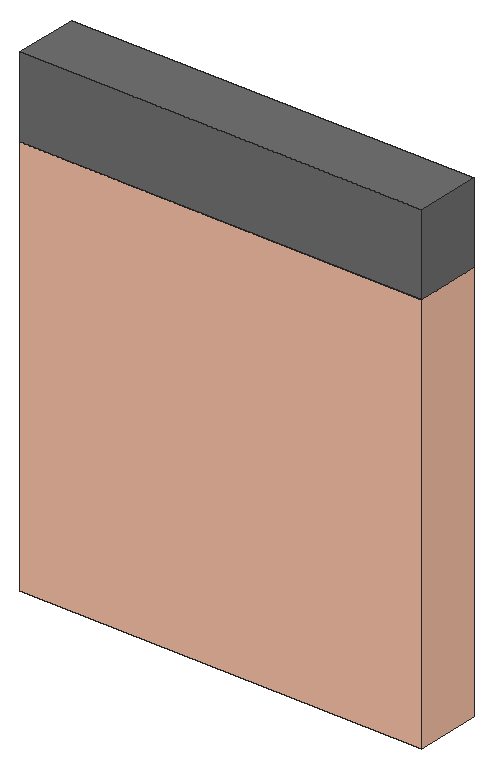
Revit family "PEP_Isolation Joint", category Generic Models, Revit 2018
Family settings
  Can host rebar = No
  Round Connector Dimension = Use Diameter
  Part Type = Normal
  Work Plane-Based = No
  Always vertical = No
  Cut with Voids When Loaded = Yes
  Shared = No
  Room Calculation Point = No
Parameters (values of type "PEP_Isolation Joint_IJ")
  Type Comments = "Joint filler usualy available in 10m coils."
  SEALANT [instance] = 25 mm
  Keynote = "E40/520"
  IJThickness = 20 mm
  IJLength [instance] = 125 mm
  IJDepth [instance] = H + SEALANT  # 150 mm
  H [instance] = 125 mm
  Description = "Closed cell polyethylene foam (or similar) joint filler with a Methacrylate Resin (or similar) sealant applied after installation."
Reference planes
  plane 1 "Center (Front/Back)": y = 0
  plane 2: z = 0
  plane 3 "Center (Left/Right)": x = 0
  plane 4: y = -20
  plane 5: x = -62.5
  plane 6: x = 62.5
  plane 7: z = -25
  plane 8: z = -150
  plane 9: y = -10
Forms (mm)
  Extrusion 1, solid, material "PEP_Sealant", detail levels medium+fine
    sketch origin (0, -7.5, -25) x (1, 0, 0) y (0, 1, 0)
      loop
        line (-62.5, 7.5) -> (-62.5, -12.5) -> (62.5, -12.5) -> (62.5, 7.5) -> (-62.5, 7.5)
    from 0 to 25
  Extrusion 2, solid, material "PEP_CompressibleFill", detail levels medium+fine
    sketch origin (0, -7.5, -25) x (1, 0, 0) y (0, 1, 0)
      loop
        line (-62.5, 7.5) -> (-62.5, -12.5) -> (62.5, -12.5) -> (62.5, 7.5) -> (-62.5, 7.5)
    from -125 to 0
Lines and regions (mm)
  model lines, style "PEP_IJ_StickSymbol", detail levels coarse
    curve 1: line (62.5, -10, 0) -> (-62.5, -10, 0)
Dimensions and locks
  "IJThickness": plane 1 "Center (Front/Back)" to plane 4
  equal spacing: plane 5, plane 3 "Center (Left/Right)", plane 6
  "IJLength": plane 5 to plane 6
  "H": plane 8 to plane 7
  "SEALANT": plane 2 to plane 7
  equal spacing: plane 4, plane 9, plane 1 "Center (Front/Back)"
  aligned and locked: level to plane 2
  aligned and locked: Extrusion 2 to plane 4
  aligned and locked: Extrusion 2 to plane 1 "Center (Front/Back)"
  aligned and locked: Extrusion 1 to plane 1 "Center (Front/Back)"
  aligned and locked: Extrusion 1 to plane 4
  aligned and locked: plane 2 to Extrusion 1
  aligned and locked: Extrusion 2 to Extrusion 1
  aligned and locked: plane 7 to Extrusion 2
  aligned and locked: plane 8 to Extrusion 2
  aligned and locked: plane 5 to curve 1
  aligned and locked: plane 6 to curve 1
  aligned and locked: plane 9 to curve 1
Automatic sketch dimensions
  Extrusion 1 sketch curve to plane 4 = 0 mm
  Extrusion 1 sketch curve to plane 5 = 0 mm
  Extrusion 1 sketch curve to plane 6 = 0 mm
  plane 1 "Center (Front/Back)" to Extrusion 1 sketch curve = 0 mm
  Extrusion 2 sketch curve to plane 4 = 0 mm
  Extrusion 2 sketch curve to plane 5 = 0 mm
  Extrusion 2 sketch curve to plane 6 = 0 mm
  plane 1 "Center (Front/Back)" to Extrusion 2 sketch curve = 0 mm
